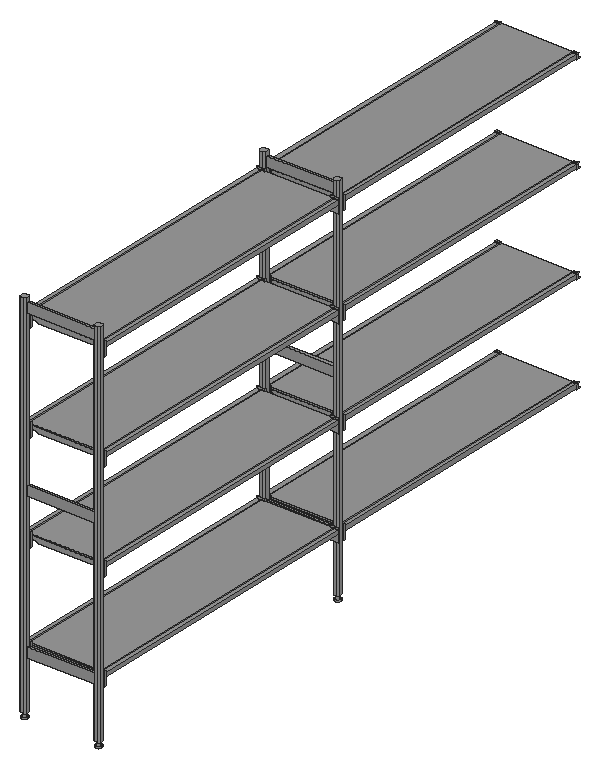
Revit family "QF_ELECTROLUXPROFESSIONAL_137068_ACS2728", category Attrezzature speciali, Revit 2020
Family settings
  Quota connettore circolare = Usa diametro
  Tipo di parte = Normale
  Basato su piano di lavoro = No
  Sempre verticale = Sì
  Taglio con vuoti quando caricato = No
  Condiviso = No
  Punto di calcolo locali = No
Parameters (values of type "Standard")
  Weight = 40.00 kg
  Watts = 0 W
  Volts = 0 V
  URL Manufacturer = "https://www.electroluxprofessional.com/"
  URL = "https://www.electroluxprofessional.com/"
  Steam Supply Size = 0 mm
  Steam Supply Minimum Pressure = 0.0 Pa
  Steam Supply Maximum Pressure = 0.0 Pa
  Steam Consumption per Hour = 0
  Refrigeration Suction Line Size = 0.0 mm
  Refrigeration Liquid Line Size = 0.0 mm
  Refrigerant Compressor Remote = yes
  Prospetto di default = 0.0 mm
  Phase = 0
  Modello = "ACS2728"
  Produttore = "Electrolux Professional"
  Length Actual = 2732.0 mm  # constant formula
  Item Number = "137068"
  Hot Water Size = 0 mm
  Height Actual = 1700.0 mm  # constant formula
  HP = "0 HP"
  Gas Size = 0 mm
  Gas KW = 0
  Gas Input Pressure = 0 W
  Direct Waste Size = 0 mm
  Descrizione = "ALUM.CORNER SHELV.-POLY.TIERS-373X2732MM"
  Depth Actual = 373.0 mm  # constant formula
  Cycle = 0 Hz
  Condensate Return Size = 0 mm
  Compressed Air Volume = 0.0 L/s
  Compressed Air Size = 0 mm
  Compressed Air Pressure = 0.0 Pa
  Cold Water Size = 0 mm
  Accessory = yes
Reference planes
  plane 1: z = 0
  plane 2 "CenterLeft": y = -535.5
  plane 3 "FRONT": y = -921.5
  plane 4 "LEFT": x = 192.5
  plane 5 "RIGHT": x = 565.5
  plane 6 "TOP": z = 1700
  plane 7: y = -889.5
  plane 8: y = 440.5
  plane 9 "Center (Left/Back)": x = 379
  plane 10: x = 205
  plane 11: x = 515
  plane 12 "FEET": z = 25
  plane 13: z = 275
  plane 14: z = 725
  plane 15: z = 1175
  plane 16: z = 1625
  plane 17 "CXLeft": y = -907.5
  plane 18 "Center (Front/Back)": y = 458.5
  plane 19 "CYFront": x = 510
  plane 20: y = 1806.5
  plane 21: y = 476.5
  plane 22 "BACK": y = 1810.5
  plane 23 "LEFT_ORIGIN": x = 158.5
  plane 24 "BACK_ORIGIN": y = 2183.5
Forms (mm)
  Extrusion 1, solid, material "QF_Aluminum"
    sketch origin (38.022, -921.5, -4.006) x (-1, 0, 0) y (0, 0, 1)
      loop
        line (-189.5, 1637.003) -> (-173.5, 1637.003) -> (-173.5, 1655) -> (-175.493, 1655) -> (-175.493, 1648.501) -> (-506.5, 1648.501) -> (-506.5, 1655) -> (-508.5, 1655) -> (-508.5, 1637.003) -> (-492.5, 1637.003) -> (-458.5, 1625) -> (-223.5, 1625) -> (-189.5, 1637.003)
      loop
        line (-189.5, 1187.003) -> (-173.5, 1187.003) -> (-173.5, 1205) -> (-175.493, 1205) -> (-175.493, 1198.501) -> (-506.5, 1198.501) -> (-506.5, 1205) -> (-508.5, 1205) -> (-508.5, 1187.003) -> (-492.5, 1187.003) -> (-458.5, 1175) -> (-223.5, 1175) -> (-189.5, 1187.003)
      loop
        line (-189.5, 737.003) -> (-173.5, 737.003) -> (-173.5, 755) -> (-175.493, 755) -> (-175.493, 748.501) -> (-506.5, 748.501) -> (-506.5, 755) -> (-508.5, 755) -> (-508.5, 737.003) -> (-492.5, 737.003) -> (-458.5, 725) -> (-223.5, 725) -> (-189.5, 737.003)
      loop
        line (-189.5, 287.003) -> (-173.5, 287.003) -> (-173.5, 305) -> (-175.493, 305) -> (-175.493, 298.501) -> (-506.5, 298.501) -> (-506.5, 305) -> (-508.5, 305) -> (-508.5, 287.003) -> (-492.5, 287.003) -> (-458.5, 275) -> (-223.5, 275) -> (-189.5, 287.003)
    from 37 to 32
  Extrusion 2, solid, material "QF_Aluminum"
    sketch origin (38.022, -921.5, 0) x (-1, 0, 0) y (0, 0, 1)
      loop
        line (-154.478, 246.005) -> (-154.478, 307.993) -> (-190.471, 307.993) -> (-190.471, 246.005) -> (-154.478, 246.005)
      loop
        line (-527.478, 246.005) -> (-491.484, 246.005) -> (-491.484, 307.993) -> (-527.478, 307.993) -> (-527.478, 246.005)
      loop
        line (-154.478, 696.005) -> (-154.478, 757.993) -> (-190.471, 757.993) -> (-190.471, 696.005) -> (-154.478, 696.005)
      loop
        line (-527.478, 696.005) -> (-491.484, 696.005) -> (-491.484, 757.993) -> (-527.478, 757.993) -> (-527.478, 696.005)
      loop
        line (-154.478, 1146.005) -> (-154.478, 1207.993) -> (-190.471, 1207.993) -> (-190.471, 1146.005) -> (-154.478, 1146.005)
      loop
        line (-527.478, 1146.005) -> (-491.484, 1146.005) -> (-491.484, 1207.993) -> (-527.478, 1207.993) -> (-527.478, 1146.005)
      loop
        line (-154.478, 1596.005) -> (-154.478, 1657.993) -> (-190.471, 1657.993) -> (-190.471, 1596.005) -> (-154.478, 1596.005)
      loop
        line (-527.478, 1596.005) -> (-491.484, 1596.005) -> (-491.484, 1657.993) -> (-527.478, 1657.993) -> (-527.478, 1596.005)
    from 28 to 32
  Extrusion 3, solid, material "QF_Aluminum"
    sketch origin (38.022, -921.5, 0) x (-1, 0, 0) y (0, 0, 1)
      loop
        line (-154.5, 1650.994) -> (-173.5, 1650.994) -> (-173.5, 1632.998) -> (-154.5, 1632.998) -> (-154.5, 1650.994)
      loop
        line (-154.5, 1200.994) -> (-173.5, 1200.994) -> (-173.5, 1182.998) -> (-154.5, 1182.998) -> (-154.5, 1200.994)
      loop
        line (-154.5, 750.994) -> (-173.5, 750.994) -> (-173.5, 732.998) -> (-154.5, 732.998) -> (-154.5, 750.994)
      loop
        line (-154.5, 300.994) -> (-173.5, 300.994) -> (-173.5, 282.998) -> (-154.5, 282.998) -> (-154.5, 300.994)
      loop
        line (-527.455, 1650.994) -> (-527.455, 1632.998) -> (-508.455, 1632.998) -> (-508.455, 1650.994) -> (-527.455, 1650.994)
      loop
        line (-527.455, 1200.994) -> (-527.455, 1182.998) -> (-508.455, 1182.998) -> (-508.455, 1200.994) -> (-527.455, 1200.994)
      loop
        line (-527.455, 750.994) -> (-527.455, 732.998) -> (-508.455, 732.998) -> (-508.455, 750.994) -> (-527.455, 750.994)
      loop
        line (-527.455, 300.994) -> (-527.455, 282.998) -> (-508.455, 282.998) -> (-508.455, 300.994) -> (-527.455, 300.994)
    from 32 to 1362
  Extrusion 4, solid, material "QF_Polyethylene"
    sketch origin (38.022, -921.5, 0) x (-1, 0, 0) y (0, 0, 1)
      loop
        line (-175.493, 1650.994) -> (-506.5, 1650.994) -> (-506.5, 1644.496) -> (-175.493, 1644.496) -> (-175.493, 1650.994)
      loop
        line (-175.493, 1200.994) -> (-506.5, 1200.994) -> (-506.5, 1194.496) -> (-175.493, 1194.496) -> (-175.493, 1200.994)
      loop
        line (-175.493, 750.994) -> (-506.5, 750.994) -> (-506.5, 744.496) -> (-175.493, 744.496) -> (-175.493, 750.994)
      loop
        line (-175.493, 300.994) -> (-506.5, 300.994) -> (-506.5, 294.496) -> (-175.493, 294.496) -> (-175.493, 300.994)
    from 32 to 1362
  Extrusion 5, solid, material "QF_Aluminum"
    sketch origin (38.022, 684.5, 0) x (-1, 0, 0) y (0, 0, 1)
      loop
        line (-154.5, 1650.994) -> (-173.5, 1650.994) -> (-173.5, 1632.998) -> (-154.5, 1632.998) -> (-154.5, 1650.994)
      loop
        line (-508.5, 1650.994) -> (-527.455, 1650.994) -> (-527.455, 1632.998) -> (-508.5, 1632.998) -> (-508.5, 1650.994)
      loop
        line (-154.5, 1200.994) -> (-173.5, 1200.994) -> (-173.5, 1182.998) -> (-154.5, 1182.998) -> (-154.5, 1200.994)
      loop
        line (-508.5, 1200.994) -> (-527.455, 1200.994) -> (-527.455, 1182.998) -> (-508.5, 1182.998) -> (-508.5, 1200.994)
      loop
        line (-154.5, 750.994) -> (-173.5, 750.994) -> (-173.5, 732.998) -> (-154.5, 732.998) -> (-154.5, 750.994)
      loop
        line (-508.5, 750.994) -> (-527.455, 750.994) -> (-527.455, 732.998) -> (-508.5, 732.998) -> (-508.5, 750.994)
      loop
        line (-154.5, 300.994) -> (-173.5, 300.994) -> (-173.5, 282.998) -> (-154.5, 282.998) -> (-154.5, 300.994)
      loop
        line (-508.5, 300.994) -> (-527.455, 300.994) -> (-527.455, 282.998) -> (-508.5, 282.998) -> (-508.5, 300.994)
    from 1122 to -208
  Extrusion 6, solid, material "QF_Polyethylene"
    sketch origin (38.022, 684.5, 0) x (-1, 0, 0) y (0, 0, 1)
      loop
        line (-175.493, 1650.994) -> (-506.5, 1650.994) -> (-506.5, 1644.496) -> (-175.493, 1644.496) -> (-175.493, 1650.994)
      loop
        line (-175.493, 1200.994) -> (-506.5, 1200.994) -> (-506.5, 1194.496) -> (-175.493, 1194.496) -> (-175.493, 1200.994)
      loop
        line (-175.493, 750.994) -> (-506.5, 750.994) -> (-506.5, 744.496) -> (-175.493, 744.496) -> (-175.493, 750.994)
      loop
        line (-175.493, 300.994) -> (-506.5, 300.994) -> (-506.5, 294.496) -> (-175.493, 294.496) -> (-175.493, 300.994)
    from 1122 to -208
Lines and regions (mm)
  symbolic lines
    curve 1: line (205, -912.5, 1700) -> (515, -912.5, 1700)
    curve 2: line (515, -902.5, 1700) -> (205, -902.5, 1700)
    curve 3: line (192.5, -893.5, 1700) -> (192.5, 444.5, 1700)
    curve 4: line (565.5, -889.5, 1700) -> (565.5, 440.5, 1700)
    curve 5: line (192.5, 472.5, 1700) -> (192.5, 1810.5, 1700)
    curve 6: line (565.5, 472.5, 1700) -> (565.5, 1810.5, 1700)
    curve 7: line (211.522, 1806.5, 1700) -> (510.507, 1806.5, 1700)
    curve 8: line (211.522, 440.5, 1700) -> (510.507, 440.5, 1700)
    curve 9: line (510.507, 476.5, 1700) -> (211.522, 476.5, 1700)
    curve 10: line (211.522, -889.5, 1700) -> (510.507, -889.5, 1700)
    curve 11: line (211.522, -889.5, 1700) -> (211.522, 440.5, 1700)
    curve 12: line (546.478, 440.5, 1700) -> (546.478, -889.5, 1700)
    curve 13: line (211.522, 476.5, 1700) -> (211.522, 1806.5, 1700)
    curve 14: line (546.522, 652.5, 1700) -> (546.522, -145.5, 1700)
Dimensions and locks
  plane 3 "FRONT" to plane 2 "CenterLeft" = 386.0 mm
  locked: plane 6 "TOP" to level at 1700
  locked: plane 7 to plane 8 at 1330
  locked: plane 10 to plane 11 at 310
  plane 10 to plane 9 "Center (Left/Back)" to plane 11 = 174.0 mm, 136.0 mm
  equal spacing: plane 4 "LEFT", plane 9 "Center (Left/Back)", plane 5 "RIGHT"
  plane 12 "FEET" to level = 25.0 mm
  plane 6 "TOP" to plane 12 "FEET" = 1675.0 mm
  plane 13 to plane 12 "FEET" = 250.0 mm
  plane 14 to plane 13 = 450.0 mm
  plane 15 to plane 14 = 450.0 mm
  plane 16 to plane 15 = 450.0 mm
  plane 19 "CYFront" to Extrusion 1 sketch curve = 34.522 mm
  locked: plane 21 to plane 20 at 1330
  locked: plane 8 to plane 18 "Center (Front/Back)" at 18
  locked: plane 18 "Center (Front/Back)" to plane 21 at 18
  locked: plane 3 "FRONT" to plane 7 at 32
  locked: plane 4 "LEFT" to plane 5 "RIGHT" at 373
  locked: plane 23 "LEFT_ORIGIN" to plane 5 "RIGHT" at 407
  locked: plane 22 "BACK" to plane 24 "BACK_ORIGIN" at 373
  locked: plane 22 "BACK" to plane 3 "FRONT" at 2732
  aligned and locked: level to plane 1
  aligned and locked: Extrusion 1 to plane 7
  aligned and locked: plane 7 to Extrusion 2
  aligned and locked: Extrusion 4 to plane 7
  aligned and locked: plane 8 to Extrusion 4
  aligned and locked: Extrusion 3 to plane 7
  aligned and locked: plane 8 to Extrusion 3
  aligned and locked: Extrusion 1 sketch curve to Extrusion 1 sketch curve  (x3)
  aligned and locked: Extrusion 4 sketch curve to Extrusion 1  (x4)
  aligned and locked: Extrusion 5 sketch curve to Extrusion 5 sketch curve  (x2)
  aligned and locked: Extrusion 5 to plane 21  (x5)
  aligned and locked: Extrusion 6 to plane 21  (x5)
  aligned and locked: nested 2 to plane 18 "Center (Front/Back)"
  aligned and locked: nested 1 to plane 17 "CXLeft"
  aligned and locked: plane 7 to Extrusion 3  (x3)
  aligned and locked: Extrusion 3 to plane 8  (x4)
  aligned and locked: Extrusion 4 to plane 8  (x4)
  aligned and locked: plane 20 to Extrusion 5
  aligned and locked: plane 20 to Extrusion 6
  aligned and locked: Extrusion 5 to plane 20  (x3)
  aligned and locked: Extrusion 6 to plane 20  (x3)
  aligned and locked: plane 9 "Center (Left/Back)" to nested 2
  aligned and locked: nested 3 to plane 22 "BACK"
Automatic sketch dimensions
  curve 1 to plane 10 = 0.0 mm
  curve 1 to plane 11 = 0.0 mm
  curve 2 to plane 10 = 0.0 mm
  curve 2 to plane 11 = 0.0 mm
  curve 3 to plane 4 "LEFT" = 0.0 mm
  plane 7 to curve 10 = 0.0 mm
  curve 4 to plane 5 "RIGHT" = 0.0 mm
  plane 7 to curve 4 = 0.0 mm
  plane 8 to curve 8 = 0.0 mm
  plane 8 to curve 4 = 0.0 mm
  curve 6 to plane 5 "RIGHT" = 0.0 mm
  curve 5 to plane 4 "LEFT" = 0.0 mm
  curve 9 to plane 21 = 0.0 mm
  plane 20 to curve 7 = 0.0 mm
  plane 7 to curve 3 = 4.0 mm
  plane 17 "CXLeft" to curve 2 = 5.0 mm
  curve 1 to plane 17 "CXLeft" = 5.0 mm
  curve 3 to plane 8 = 4.0 mm
  curve 6 to plane 21 = 4.0 mm
  curve 5 to plane 21 = 4.0 mm
  curve 6 to plane 20 = 4.0 mm
  curve 5 to plane 20 = 4.0 mm
  plane 11 to curve 10 = 4.493 mm
  plane 11 to curve 9 = 4.493 mm
  plane 11 to curve 8 = 4.493 mm
  plane 11 to curve 7 = 4.493 mm
  curve 8 to plane 10 = 6.522 mm
  curve 7 to plane 10 = 6.522 mm
  Extrusion 1 sketch curve to plane 19 "CYFront" = 36.522 mm  (x4)
  Extrusion 1 sketch curve to plane 11 = 15.522 mm  (x4)
  Extrusion 1 sketch curve to plane 13 = 4.006 mm
  Extrusion 1 sketch curve to Extrusion 1 sketch curve = 34.0 mm  (x4)
  Extrusion 1 sketch curve to plane 14 = 4.006 mm
  Extrusion 1 sketch curve to plane 15 = 4.006 mm
  Extrusion 1 sketch curve to plane 16 = 4.006 mm
  Extrusion 1 sketch curve to plane 10 = 56.522 mm  (x4)
  Extrusion 1 sketch curve to plane 10 = 22.522 mm  (x4)
  plane 13 to Extrusion 1 sketch curve = 7.998 mm  (x2)
  Extrusion 1 sketch curve to Extrusion 1 sketch curve = 11.498 mm  (x4)
  Extrusion 1 sketch curve to Extrusion 1 sketch curve = 6.499 mm  (x8)
  plane 14 to Extrusion 1 sketch curve = 7.998 mm  (x2)
  plane 15 to Extrusion 1 sketch curve = 7.998 mm  (x2)
  plane 16 to Extrusion 1 sketch curve = 7.998 mm  (x2)
  Extrusion 2 sketch curve to plane 5 "RIGHT" = 0.0 mm  (x4)
  Extrusion 2 sketch curve to plane 4 "LEFT" = 0.0 mm  (x4)
  Extrusion 2 sketch curve to plane 11 = 14.507 mm  (x4)
  Extrusion 2 sketch curve to plane 10 = 23.493 mm  (x4)
  Extrusion 2 sketch curve to plane 13 = 28.995 mm  (x2)
  plane 13 to Extrusion 2 sketch curve = 32.993 mm  (x2)
  Extrusion 2 sketch curve to plane 14 = 28.995 mm  (x2)
  plane 14 to Extrusion 2 sketch curve = 32.993 mm  (x2)
  Extrusion 2 sketch curve to plane 15 = 28.995 mm  (x2)
  plane 15 to Extrusion 2 sketch curve = 32.993 mm  (x2)
  Extrusion 2 sketch curve to plane 16 = 28.995 mm  (x2)
  plane 16 to Extrusion 2 sketch curve = 32.993 mm  (x2)
  plane 13 to Extrusion 4 sketch curve = 19.496 mm
  Extrusion 4 sketch curve to Extrusion 4 sketch curve = 6.499 mm  (x4)
  plane 14 to Extrusion 4 sketch curve = 19.496 mm
  plane 15 to Extrusion 4 sketch curve = 19.496 mm
  plane 16 to Extrusion 4 sketch curve = 19.496 mm
  plane 5 "RIGHT" to Extrusion 5 sketch curve = 0.022 mm  (x4)
  Extrusion 5 sketch curve to plane 4 "LEFT" = 19.022 mm  (x4)
  Extrusion 5 sketch curve to plane 19 "CYFront" = 36.522 mm  (x2)
  plane 13 to Extrusion 5 sketch curve = 7.998 mm  (x2)
  Extrusion 5 sketch curve to Extrusion 5 sketch curve = 17.997 mm  (x8)
  plane 14 to Extrusion 5 sketch curve = 7.998 mm  (x2)
  plane 15 to Extrusion 5 sketch curve = 7.998 mm  (x2)
  plane 16 to Extrusion 5 sketch curve = 7.998 mm  (x2)
  Extrusion 6 sketch curve to plane 19 "CYFront" = 34.522 mm  (x4)
  plane 13 to Extrusion 6 sketch curve = 19.496 mm
  Extrusion 6 sketch curve to Extrusion 6 sketch curve = 6.499 mm  (x4)
  plane 14 to Extrusion 6 sketch curve = 19.496 mm
  plane 15 to Extrusion 6 sketch curve = 19.496 mm
  plane 16 to Extrusion 6 sketch curve = 19.496 mm
  plane 5 "RIGHT" to Extrusion 3 sketch curve = 0.022 mm  (x4)
  Extrusion 3 sketch curve to Extrusion 3 sketch curve = 19.0 mm  (x4)
  plane 14 to Extrusion 3 sketch curve = 7.998 mm  (x2)
  Extrusion 3 sketch curve to plane 10 = 6.522 mm  (x4)
  Extrusion 3 sketch curve to plane 4 "LEFT" = 0.022 mm  (x4)
  plane 13 to Extrusion 3 sketch curve = 25.994 mm  (x2)
  plane 13 to Extrusion 3 sketch curve = 7.998 mm  (x2)
  Extrusion 3 sketch curve to Extrusion 3 sketch curve = 17.997 mm  (x6)
  plane 15 to Extrusion 3 sketch curve = 7.998 mm  (x2)
  plane 16 to Extrusion 3 sketch curve = 7.998 mm  (x2)
  plane 7 to curve 12 = 0.0 mm
  plane 8 to curve 12 = 0.0 mm
  curve 4 to curve 12 = 19.022 mm
  Extrusion 1 sketch curve to plane 10 = 8.516 mm  (x4)
  Extrusion 1 sketch curve to plane 10 = 6.522 mm  (x2)
  Extrusion 1 sketch curve to Extrusion 1 sketch curve = 1.993 mm  (x2)
  Extrusion 4 sketch curve to plane 10 = 8.516 mm  (x4)
  Extrusion 5 sketch curve to plane 4 "LEFT" = 0.022 mm  (x4)
  Extrusion 6 sketch curve to plane 10 = 8.516 mm  (x4)
Nested families
  nested 1: "WT_Anta373" at (215.5, -504.5, 0) x (0, 1, 0) z (0, 0, 1), type "WT_Anta373"
  nested 2: "WT_Anta373Center" at (215.5, 861.5, 0) x (0, 1, 0) z (0, 0, 1), type "WT_Anta373Center"
  nested 3: "WT_Aggancio373" at (215.5, 2218.5, 0) x (0, 1, 0) z (0, 0, 1), type "WT_Aggancio373"
Definition of nested family "WT_Anta373"
  Parameters
    WidthLeft = A + 64.0 mm  # 772.0 mm
    Width = 1606.0 mm
    Right = WidthLeft / 2  # 386.0 mm
    Default Elevation = 0.0 mm
    Left = -WidthLeft / 2  # -386.0 mm
    Height = 1725.0 mm
    FEET = 25.0 mm
    E = 0.0 mm
    Dint = Depth - 63.0 mm  # 310.0 mm
    Dext = Depth - 8.0 mm  # 365.0 mm
    Depth = 373.0 mm
    DX = (WidthLeft - A) / 2  # 32.0 mm
    B = 798.0 mm
    A = 708.0 mm
  Reference planes
    plane 1: z = 0
    plane 2 "LEFT": x = -417
    plane 3 "BACK": y = 23
    plane 4 "FRONT": y = -350
    plane 5 "TOP": z = 1725
    plane 6 "Center (Front/Back)": y = -163.5
    plane 7: y = -8.5
    plane 8: y = -318.5
    plane 9 "FEET": z = 25
    plane 10: z = 275
    plane 11: z = 725
    plane 12: z = 1175
    plane 13: z = 1625
    plane 14 "CXLeft": x = -403
    plane 15: y = 5.5
    plane 16 "CYBack": y = 5.5
    plane 17 "CYFront": y = -332.5
    plane 18: x = -385.031
    plane 19: x = -380.031
  Forms (mm)
    Extrusion 1, solid
      sketch origin (0, 0, 0) x (1, 0, 0) y (0, 1, 0)
        loop
          line (-417, 13.246) -> (-417, -2.246) -> (-410.746, -8.5) -> (-395.254, -8.5) -> (-389, -2.246) -> (-389, 13.246) -> (-395.254, 19.5) -> (-410.746, 19.5) -> (-417, 13.246)
      from 1725 to 25
    Extrusion 2, solid
      sketch origin (-417, 0, 0) x (0, 1, 0) y (0, 0, 1)
        loop
          line (23, 246.005) -> (23, 307.993) -> (-12.993, 307.993) -> (-12.993, 246.005) -> (23, 246.005)
        loop
          line (-350, 246.005) -> (-314.007, 246.005) -> (-314.007, 307.993) -> (-350, 307.993) -> (-350, 246.005)
        loop
          line (23, 696.005) -> (23, 757.993) -> (-12.993, 757.993) -> (-12.993, 696.005) -> (23, 696.005)
        loop
          line (-350, 696.005) -> (-314.007, 696.005) -> (-314.007, 757.993) -> (-350, 757.993) -> (-350, 696.005)
        loop
          line (23, 1146.005) -> (23, 1207.993) -> (-12.993, 1207.993) -> (-12.993, 1146.005) -> (23, 1146.005)
        loop
          line (-350, 1146.005) -> (-314.007, 1146.005) -> (-314.007, 1207.993) -> (-350, 1207.993) -> (-350, 1146.005)
        loop
          line (23, 1596.005) -> (23, 1657.993) -> (-12.993, 1657.993) -> (-12.993, 1596.005) -> (23, 1596.005)
        loop
          line (-350, 1596.005) -> (-314.007, 1596.005) -> (-314.007, 1657.993) -> (-350, 1657.993) -> (-350, 1596.005)
      from 28 to 32
    Revolve 3, solid
      sketch origin (-403, 0, 0) x (0, 1, 0) y (0, 0, 1)
        loop
          line (5.5, 25) -> (5.5, 0) -> (19, 0) -> (19, 5) -> (14, 5) -> (14, 25) -> (5.5, 25)
        axis (5.5, 25) -> (5.5, 0)
      angle from 0 to 360
    Extrusion 4, solid
      sketch origin (-403, 0, 0) x (0, 1, 0) y (0, 0, 1)
        loop
          line (-8.5, 912.382) -> (-8.5, 957.374) -> (-318.5, 957.374) -> (-318.5, 912.382) -> (-8.5, 912.382)
        loop
          line (-8.5, 1662.244) -> (-8.5, 1707.236) -> (-318.5, 1707.236) -> (-318.5, 1662.244) -> (-8.5, 1662.244)
      from -5 to 5
    Revolve 5, solid
      sketch origin (-403, -627, 0) x (0, -1, 0) y (0, 0, 1)
        loop
          line (-294.5, 25) -> (-294.5, 0) -> (-281, 0) -> (-281, 5) -> (-286, 5) -> (-286, 25) -> (-294.5, 25)
        axis (-294.5, 25) -> (-294.5, 0)
      angle from 0 to 360
    Extrusion 6, solid
      sketch origin (0, -627, 0) x (1, 0, 0) y (0, 1, 0)
        loop
          line (-417, 286.754) -> (-410.746, 280.5) -> (-395.254, 280.5) -> (-389, 286.754) -> (-389, 302.246) -> (-395.254, 308.5) -> (-410.746, 308.5) -> (-417, 302.246) -> (-417, 286.754)
      from 1725 to 25
    Extrusion 7, solid
      sketch origin (-417.031, -0.022, 0) x (0, 1, 0) y (0, 0, -1)
        loop
          line (-12, -1632.998) -> (-46, -1620.994) -> (-281, -1620.994) -> (-315, -1632.998) -> (-331, -1632.998) -> (-331, -1650.994) -> (-329, -1650.994) -> (-329, -1644.496) -> (2.007, -1644.496) -> (2.007, -1650.994) -> (4, -1650.994) -> (4, -1632.998) -> (-12, -1632.998)
        loop
          line (-12, -1182.998) -> (-46, -1170.994) -> (-281, -1170.994) -> (-315, -1182.998) -> (-331, -1182.998) -> (-331, -1200.994) -> (-329, -1200.994) -> (-329, -1194.496) -> (2.007, -1194.496) -> (2.007, -1200.994) -> (4, -1200.994) -> (4, -1182.998) -> (-12, -1182.998)
        loop
          line (-12, -732.998) -> (-46, -720.994) -> (-281, -720.994) -> (-315, -732.998) -> (-331, -732.998) -> (-331, -750.994) -> (-329, -750.994) -> (-329, -744.496) -> (2.007, -744.496) -> (2.007, -750.994) -> (4, -750.994) -> (4, -732.998) -> (-12, -732.998)
        loop
          line (-12, -282.998) -> (-46, -270.994) -> (-281, -270.994) -> (-315, -282.998) -> (-331, -282.998) -> (-331, -300.994) -> (-329, -300.994) -> (-329, -294.496) -> (2.007, -294.496) -> (2.007, -300.994) -> (4, -300.994) -> (4, -282.998) -> (-12, -282.998)
      from -32 to -37
    Extrusion 8, solid
      sketch origin (-403, 0, -659.878) x (0, 1, 0) y (0, 0, 1)
        loop
          line (-8.5, 912.382) -> (-8.5, 957.374) -> (-318.5, 957.374) -> (-318.5, 912.382) -> (-8.5, 912.382)
        loop
          line (-8.5, 1572.382) -> (-8.5, 1617.374) -> (-318.5, 1617.374) -> (-318.5, 1572.382) -> (-8.5, 1572.382)
        loop
          line (-8.5, 2322.382) -> (-8.5, 2367.374) -> (-318.5, 2367.374) -> (-318.5, 2322.382) -> (-8.5, 2322.382)
      from -5 to 5
  Lines and regions (mm)
    symbolic lines
      curve 1: line (-408, -8.5, 1725) -> (-408, -318.5, 1725)
      curve 2: line (-398, -318.5, 1725) -> (-398, -8.5, 1725)
      curve 3: line (-395.254, -8.5, 1725) -> (-410.746, -8.5, 1725)
      curve 4: line (-417, -2.246, 1725) -> (-410.746, -8.5, 1725)
      curve 5: line (-417, 13.246, 1725) -> (-417, -2.246, 1725)
      curve 6: line (-410.746, 19.5, 1725) -> (-417, 13.246, 1725)
      curve 7: line (-395.254, 19.5, 1725) -> (-410.746, 19.5, 1725)
      curve 8: line (-389, 13.246, 1725) -> (-395.254, 19.5, 1725)
      curve 9: line (-395.254, -8.5, 1725) -> (-389, -2.246, 1725)
      curve 10: line (-395.254, -318.5, 1725) -> (-410.746, -318.5, 1725)
      curve 11: line (-417, -324.754, 1725) -> (-410.746, -318.5, 1725)
      curve 12: line (-410.746, -346.5, 1725) -> (-417, -340.246, 1725)
      curve 13: line (-395.254, -346.5, 1725) -> (-410.746, -346.5, 1725)
      curve 14: line (-389, -340.246, 1725) -> (-395.254, -346.5, 1725)
      curve 15: line (-395.254, -318.5, 1725) -> (-389, -324.754, 1725)
      curve 16: line (-389, -350, 1725) -> (-389, -314.007, 1725)
      curve 17: line (-389, -314.007, 1725) -> (-385, -314.007, 1725)
      curve 18: line (-389, 23, 1725) -> (-389, -12.993, 1725)
      curve 19: line (-389, -12.993, 1725) -> (-385, -12.993, 1725)
      curve 20: line (-417, -324.754, 1725) -> (-417, -340.246, 1725)
      curve 21: line (-385, -350, 1725) -> (-385, -314.007, 1725)
      curve 22: line (-385, -350, 1725) -> (-389, -350, 1725)
      curve 23: line (-385, 23, 1725) -> (-389, 23, 1725)
      curve 24: line (-385, -12.993, 1725) -> (-385, 23, 1725)
      curve 25: line (-385.031, -13.016, 1725) -> (-385.031, -314.029, 1725)
  Dimensions and locks
    "Height": plane 5 "TOP" to level
    "Depth": plane 3 "BACK" to plane 4 "FRONT"
    "Dint": plane 7 to plane 8
    equal spacing: plane 7, plane 6 "Center (Front/Back)", plane 8
    equal spacing: plane 3 "BACK", plane 6 "Center (Front/Back)", plane 4 "FRONT"
    plane 9 "FEET" to level = 25.0 mm
    plane 5 "TOP" to plane 9 "FEET" = 1700.0 mm
    plane 10 to plane 9 "FEET" = 250.0 mm
    plane 11 to plane 10 = 450.0 mm
    plane 12 to plane 11 = 450.0 mm
    plane 13 to plane 12 = 450.0 mm
    locked: plane 2 "LEFT" to plane 14 "CXLeft" at 14
    locked: plane 3 "BACK" to plane 16 "CYBack" at 17.5
    locked: plane 17 "CYFront" to plane 4 "FRONT" at 17.5
    locked: Revolve 3 sketch curve to Revolve 3 sketch curve at 8.5
    locked: Revolve 3 sketch curve to plane 16 "CYBack" at 13.5
    locked: Revolve 5 sketch curve to Revolve 5 sketch curve at 8.5
    aligned and locked: level to plane 1
    aligned and locked: curve 20 to Extrusion 6
    aligned and locked: plane 5 "TOP" to Extrusion 1
    aligned and locked: plane 5 "TOP" to Extrusion 6
    aligned and locked: Extrusion 7 sketch curve to Extrusion 7 sketch curve  (x3)
  Automatic sketch dimensions
    curve 16 to plane 4 "FRONT" = 0.0 mm
    curve 11 to plane 8 = 0.0 mm
    curve 9 to plane 7 = 0.0 mm
    curve 5 to plane 2 "LEFT" = 0.0 mm
    curve 23 to plane 3 "BACK" = 0.0 mm
    plane 4 "FRONT" to curve 13 = 3.5 mm
    curve 20 to plane 17 "CYFront" = 7.746 mm
    curve 20 to plane 8 = 6.254 mm
    plane 8 to curve 16 = 4.493 mm
    curve 24 to plane 18 = 0.031 mm
    curve 24 to plane 7 = 4.493 mm
    plane 7 to curve 5 = 6.254 mm
    curve 5 to plane 15 = 7.746 mm
    curve 6 to plane 3 "BACK" = 3.5 mm
    curve 21 to plane 18 = 0.031 mm
    plane 18 to curve 23 = 3.969 mm
    plane 18 to curve 16 = 3.969 mm
    curve 18 to curve 8 = 6.254 mm
    curve 18 to curve 3 = 6.254 mm
    curve 16 to curve 13 = 6.254 mm
    curve 16 to curve 15 = 6.254 mm
    plane 2 "LEFT" to curve 10 = 6.254 mm
    plane 2 "LEFT" to curve 7 = 6.254 mm
    plane 2 "LEFT" to curve 12 = 6.254 mm
    plane 2 "LEFT" to curve 3 = 6.254 mm
    curve 14 to plane 17 "CYFront" = 7.746 mm
    curve 15 to plane 8 = 6.254 mm
    plane 7 to curve 9 = 6.254 mm
    curve 8 to plane 15 = 7.746 mm
    curve 3 to curve 2 = 2.746 mm
    curve 1 to curve 10 = 2.746 mm
    Extrusion 1 sketch curve to plane 2 "LEFT" = 0.0 mm
    Extrusion 1 sketch curve to plane 7 = 0.0 mm
    plane 2 "LEFT" to Extrusion 1 sketch curve = 6.254 mm  (x2)
    plane 14 "CXLeft" to Extrusion 1 sketch curve = 7.746 mm  (x2)
    Extrusion 1 sketch curve to plane 3 "BACK" = 3.5 mm
    plane 18 to Extrusion 1 sketch curve = 3.969 mm
    plane 7 to Extrusion 1 sketch curve = 6.254 mm  (x2)
    Extrusion 1 sketch curve to plane 15 = 7.746 mm  (x2)
    Extrusion 2 sketch curve to plane 4 "FRONT" = 0.0 mm  (x4)
    Extrusion 2 sketch curve to plane 3 "BACK" = 0.0 mm  (x4)
    plane 8 to Extrusion 2 sketch curve = 4.493 mm  (x4)
    Extrusion 2 sketch curve to plane 7 = 4.493 mm  (x4)
    Extrusion 2 sketch curve to plane 10 = 28.995 mm  (x2)
    plane 10 to Extrusion 2 sketch curve = 32.993 mm  (x2)
    Extrusion 2 sketch curve to plane 11 = 28.995 mm  (x2)
    plane 11 to Extrusion 2 sketch curve = 32.993 mm  (x2)
    Extrusion 2 sketch curve to plane 12 = 28.995 mm  (x2)
    plane 12 to Extrusion 2 sketch curve = 32.993 mm  (x2)
    Extrusion 2 sketch curve to plane 13 = 28.995 mm  (x2)
    plane 13 to Extrusion 2 sketch curve = 32.993 mm  (x2)
    Revolve 3 sketch curve to plane 9 "FEET" = 0.0 mm  (x2)
    Revolve 3 sketch curve to plane 15 = 0.0 mm  (x2)
    Revolve 3 sketch curve to level = 0.0 mm
    level to Revolve 3 sketch curve = 5.0 mm
    Revolve 3 sketch curve to Revolve 3 sketch curve = 11.655 mm
    Extrusion 4 sketch curve to plane 8 = 0.0 mm  (x2)
    Extrusion 4 sketch curve to plane 7 = 0.0 mm  (x2)
    plane 11 to Extrusion 4 sketch curve = 187.382 mm
    Extrusion 4 sketch curve to Extrusion 4 sketch curve = 44.992 mm
    plane 13 to Extrusion 4 sketch curve = 37.244 mm
    Extrusion 4 sketch curve to plane 5 "TOP" = 17.764 mm
    Revolve 5 sketch curve to plane 9 "FEET" = 0.0 mm  (x2)
    Revolve 5 sketch curve to plane 17 "CYFront" = 0.0 mm  (x2)
    Revolve 5 sketch curve to level = 0.0 mm
    Revolve 5 sketch curve to plane 4 "FRONT" = 4.0 mm
    Revolve 5 sketch curve to Revolve 5 sketch curve = 5.0 mm
    level to Revolve 5 sketch curve = 11.655 mm
    Extrusion 6 sketch curve to plane 2 "LEFT" = 0.0 mm
    Extrusion 6 sketch curve to plane 8 = 0.0 mm
    Extrusion 6 sketch curve to plane 2 "LEFT" = 6.254 mm  (x2)
    Extrusion 6 sketch curve to plane 14 "CXLeft" = 7.746 mm  (x2)
    Extrusion 6 sketch curve to plane 4 "FRONT" = 3.5 mm
    Extrusion 6 sketch curve to plane 18 = 3.969 mm
    plane 8 to Extrusion 6 sketch curve = 6.254 mm  (x2)
    plane 17 "CYFront" to Extrusion 6 sketch curve = 7.746 mm  (x2)
    plane 17 "CYFront" to Extrusion 7 sketch curve = 1.478 mm  (x4)
    Extrusion 7 sketch curve to Extrusion 7 sketch curve = 2.0 mm
    plane 8 to Extrusion 7 sketch curve = 3.478 mm  (x4)
    Extrusion 7 sketch curve to plane 10 = 4.006 mm
    Extrusion 7 sketch curve to Extrusion 7 sketch curve = 34.0 mm  (x4)
    Extrusion 7 sketch curve to plane 11 = 4.006 mm
    Extrusion 7 sketch curve to plane 12 = 4.006 mm
    Extrusion 7 sketch curve to plane 13 = 4.006 mm
    Extrusion 7 sketch curve to plane 7 = 37.522 mm  (x4)
    Extrusion 7 sketch curve to plane 7 = 3.522 mm  (x4)
    plane 15 to Extrusion 7 sketch curve = 3.516 mm  (x4)
    plane 15 to Extrusion 7 sketch curve = 1.522 mm  (x4)
    plane 13 to Extrusion 7 sketch curve = 7.998 mm  (x2)
    Extrusion 7 sketch curve to Extrusion 7 sketch curve = 11.498 mm
    Extrusion 7 sketch curve to Extrusion 7 sketch curve = 6.499 mm  (x5)
    plane 12 to Extrusion 7 sketch curve = 25.994 mm  (x2)
    plane 12 to Extrusion 7 sketch curve = 7.998 mm  (x2)
    plane 11 to Extrusion 7 sketch curve = 25.994 mm  (x2)
    plane 11 to Extrusion 7 sketch curve = 7.998 mm  (x2)
    plane 10 to Extrusion 7 sketch curve = 25.994 mm  (x2)
    plane 10 to Extrusion 7 sketch curve = 7.998 mm  (x2)
    curve 25 to plane 18 = 0.0 mm
    plane 8 to curve 25 = 4.471 mm
    curve 25 to plane 7 = 4.516 mm
    Extrusion 8 sketch curve to plane 8 = 0.0 mm  (x3)
    Extrusion 8 sketch curve to plane 7 = 0.0 mm  (x3)
    Extrusion 8 sketch curve to plane 10 = 22.496 mm
    plane 10 to Extrusion 8 sketch curve = 22.496 mm
    plane 11 to Extrusion 8 sketch curve = 187.504 mm
    Extrusion 8 sketch curve to Extrusion 8 sketch curve = 44.992 mm
    plane 13 to Extrusion 8 sketch curve = 37.504 mm
    Extrusion 8 sketch curve to plane 5 "TOP" = 17.504 mm
Definition of nested family "WT_Anta373Center"
  Parameters
    WidthLeft = A + 64.0 mm  # 772.0 mm
    Width = 1606.0 mm
    Right = WidthLeft / 2  # 386.0 mm
    Default Elevation = 0.0 mm
    Left = -WidthLeft / 2  # -386.0 mm
    Height = 1725.0 mm
    FEET = 25.0 mm
    E = 0.0 mm
    Dint = Depth - 63.0 mm  # 310.0 mm
    Dext = Depth - 8.0 mm  # 365.0 mm
    Depth = 373.0 mm
    DX = (WidthLeft - A) / 2  # 32.0 mm
    B = 798.0 mm
    A = 708.0 mm
  Reference planes
    plane 1: z = 0
    plane 2 "L": x = -417
    plane 3 "BACK": y = 23
    plane 4 "FRONT": y = -350
    plane 5 "TOP": z = 1725
    plane 6 "Center (Front/Back)": y = -163.5
    plane 7: y = -8.5
    plane 8: y = -318.5
    plane 9 "FEET": z = 25
    plane 10: z = 275
    plane 11: z = 725
    plane 12: z = 1175
    plane 13: z = 1625
    plane 14 "CXLeft": x = -403
    plane 15: y = 5.5
    plane 16 "CYBack": y = 5.5
    plane 17 "CYFront": y = -332.5
    plane 18: x = -385.031
    plane 19 "RIGHT": x = -380.031
    plane 20: x = -420.969
    plane 21 "LEFT": x = -425.969
  Forms (mm)
    Extrusion 1, solid
      sketch origin (0, 0, 0) x (1, 0, 0) y (0, 1, 0)
        loop
          line (-417, 13.246) -> (-417, -2.246) -> (-410.746, -8.5) -> (-395.254, -8.5) -> (-389, -2.246) -> (-389, 13.246) -> (-395.254, 19.5) -> (-410.746, 19.5) -> (-417, 13.246)
      from 1725 to 25
    Extrusion 2, solid
      sketch origin (-417, 0, 0) x (0, 1, 0) y (0, 0, 1)
        loop
          line (23, 246.005) -> (23, 307.993) -> (-12.993, 307.993) -> (-12.993, 246.005) -> (23, 246.005)
        loop
          line (-350, 246.005) -> (-314.007, 246.005) -> (-314.007, 307.993) -> (-350, 307.993) -> (-350, 246.005)
        loop
          line (23, 696.005) -> (23, 757.993) -> (-12.993, 757.993) -> (-12.993, 696.005) -> (23, 696.005)
        loop
          line (-350, 696.005) -> (-314.007, 696.005) -> (-314.007, 757.993) -> (-350, 757.993) -> (-350, 696.005)
        loop
          line (23, 1146.005) -> (23, 1207.993) -> (-12.993, 1207.993) -> (-12.993, 1146.005) -> (23, 1146.005)
        loop
          line (-350, 1146.005) -> (-314.007, 1146.005) -> (-314.007, 1207.993) -> (-350, 1207.993) -> (-350, 1146.005)
        loop
          line (23, 1596.005) -> (23, 1657.993) -> (-12.993, 1657.993) -> (-12.993, 1596.005) -> (23, 1596.005)
        loop
          line (-350, 1596.005) -> (-314.007, 1596.005) -> (-314.007, 1657.993) -> (-350, 1657.993) -> (-350, 1596.005)
      from 28 to 32
    Revolve 3, solid
      sketch origin (-403, 0, 0) x (0, 1, 0) y (0, 0, 1)
        loop
          line (5.5, 25) -> (5.5, 0) -> (19, 0) -> (19, 5) -> (14, 5) -> (14, 25) -> (5.5, 25)
        axis (5.5, 25) -> (5.5, 0)
      angle from 0 to 360
    Extrusion 4, solid
      sketch origin (-403, 0, 0) x (0, 1, 0) y (0, 0, 1)
        loop
          line (-8.5, 912.382) -> (-8.5, 957.374) -> (-318.5, 957.374) -> (-318.5, 912.382) -> (-8.5, 912.382)
        loop
          line (-8.5, 1662.244) -> (-8.5, 1707.236) -> (-318.5, 1707.236) -> (-318.5, 1662.244) -> (-8.5, 1662.244)
      from -5 to 5
    Revolve 5, solid
      sketch origin (-403, -627, 0) x (0, -1, 0) y (0, 0, 1)
        loop
          line (-294.5, 25) -> (-294.5, 0) -> (-281, 0) -> (-281, 5) -> (-286, 5) -> (-286, 25) -> (-294.5, 25)
        axis (-294.5, 25) -> (-294.5, 0)
      angle from 0 to 360
    Extrusion 6, solid
      sketch origin (0, -627, 0) x (1, 0, 0) y (0, 1, 0)
        loop
          line (-417, 286.754) -> (-410.746, 280.5) -> (-395.254, 280.5) -> (-389, 286.754) -> (-389, 302.246) -> (-395.254, 308.5) -> (-410.746, 308.5) -> (-417, 302.246) -> (-417, 286.754)
      from 1725 to 25
    Extrusion 7, solid
      sketch origin (-417.031, -0.022, 0) x (0, 1, 0) y (0, 0, -1)
        loop
          line (-12, -1632.998) -> (-46, -1620.994) -> (-281, -1620.994) -> (-315, -1632.998) -> (-331, -1632.998) -> (-331, -1650.994) -> (-329, -1650.994) -> (-329, -1644.496) -> (2.007, -1644.496) -> (2.007, -1650.994) -> (4, -1650.994) -> (4, -1632.998) -> (-12, -1632.998)
        loop
          line (-12, -1182.998) -> (-46, -1170.994) -> (-281, -1170.994) -> (-315, -1182.998) -> (-331, -1182.998) -> (-331, -1200.994) -> (-329, -1200.994) -> (-329, -1194.496) -> (2.007, -1194.496) -> (2.007, -1200.994) -> (4, -1200.994) -> (4, -1182.998) -> (-12, -1182.998)
        loop
          line (-12, -732.998) -> (-46, -720.994) -> (-281, -720.994) -> (-315, -732.998) -> (-331, -732.998) -> (-331, -750.994) -> (-329, -750.994) -> (-329, -744.496) -> (2.007, -744.496) -> (2.007, -750.994) -> (4, -750.994) -> (4, -732.998) -> (-12, -732.998)
        loop
          line (-12, -282.998) -> (-46, -270.994) -> (-281, -270.994) -> (-315, -282.998) -> (-331, -282.998) -> (-331, -300.994) -> (-329, -300.994) -> (-329, -294.496) -> (2.007, -294.496) -> (2.007, -300.994) -> (4, -300.994) -> (4, -282.998) -> (-12, -282.998)
      from -32 to -37
    Extrusion 8, solid
      sketch origin (-403, 0, -659.878) x (0, 1, 0) y (0, 0, 1)
        loop
          line (-8.5, 912.382) -> (-8.5, 957.374) -> (-318.5, 957.374) -> (-318.5, 912.382) -> (-8.5, 912.382)
        loop
          line (-8.5, 1572.382) -> (-8.5, 1617.374) -> (-318.5, 1617.374) -> (-318.5, 1572.382) -> (-8.5, 1572.382)
        loop
          line (-8.5, 2322.382) -> (-8.5, 2367.374) -> (-318.5, 2367.374) -> (-318.5, 2322.382) -> (-8.5, 2322.382)
      from -5 to 5
    Extrusion 9, solid
      sketch origin (-389, 0, 0) x (0, 1, 0) y (0, 0, -1)
        loop
          line (23, -246.005) -> (-12.993, -246.005) -> (-12.993, -307.993) -> (23, -307.993) -> (23, -246.005)
        loop
          line (-350, -246.005) -> (-350, -307.993) -> (-314.007, -307.993) -> (-314.007, -246.005) -> (-350, -246.005)
        loop
          line (23, -696.005) -> (-12.993, -696.005) -> (-12.993, -757.993) -> (23, -757.993) -> (23, -696.005)
        loop
          line (-350, -696.005) -> (-350, -757.993) -> (-314.007, -757.993) -> (-314.007, -696.005) -> (-350, -696.005)
        loop
          line (23, -1146.005) -> (-12.993, -1146.005) -> (-12.993, -1207.993) -> (23, -1207.993) -> (23, -1146.005)
        loop
          line (-350, -1146.005) -> (-350, -1207.993) -> (-314.007, -1207.993) -> (-314.007, -1146.005) -> (-350, -1146.005)
        loop
          line (23, -1596.005) -> (-12.993, -1596.005) -> (-12.993, -1657.993) -> (23, -1657.993) -> (23, -1596.005)
        loop
          line (-350, -1596.005) -> (-350, -1657.993) -> (-314.007, -1657.993) -> (-314.007, -1596.005) -> (-350, -1596.005)
      from 28 to 32
    Extrusion 10, solid
      sketch origin (-388.969, -0.022, 0) x (0, 1, 0) y (0, 0, 1)
        loop
          line (-12, 1632.998) -> (4, 1632.998) -> (4, 1650.994) -> (2.007, 1650.994) -> (2.007, 1644.496) -> (-329, 1644.496) -> (-329, 1650.994) -> (-331, 1650.994) -> (-331, 1632.998) -> (-315, 1632.998) -> (-281, 1620.994) -> (-46, 1620.994) -> (-12, 1632.998)
        loop
          line (-12, 1182.998) -> (4, 1182.998) -> (4, 1200.994) -> (2.007, 1200.994) -> (2.007, 1194.496) -> (-329, 1194.496) -> (-329, 1200.994) -> (-331, 1200.994) -> (-331, 1182.998) -> (-315, 1182.998) -> (-281, 1170.994) -> (-46, 1170.994) -> (-12, 1182.998)
        loop
          line (-12, 732.998) -> (4, 732.998) -> (4, 750.994) -> (2.007, 750.994) -> (2.007, 744.496) -> (-329, 744.496) -> (-329, 750.994) -> (-331, 750.994) -> (-331, 732.998) -> (-315, 732.998) -> (-281, 720.994) -> (-46, 720.994) -> (-12, 732.998)
        loop
          line (-12, 282.998) -> (4, 282.998) -> (4, 300.994) -> (2.007, 300.994) -> (2.007, 294.496) -> (-329, 294.496) -> (-329, 300.994) -> (-331, 300.994) -> (-331, 282.998) -> (-315, 282.998) -> (-281, 270.994) -> (-46, 270.994) -> (-12, 282.998)
      from -32 to -37
  Lines and regions (mm)
    symbolic lines
      curve 1: line (-408, -8.5, 1725) -> (-408, -318.5, 1725)
      curve 2: line (-398, -318.5, 1725) -> (-398, -8.5, 1725)
      curve 3: line (-395.254, -8.5, 1725) -> (-410.746, -8.5, 1725)
      curve 4: line (-417, -2.246, 1725) -> (-410.746, -8.5, 1725)
      curve 5: line (-410.746, 19.5, 1725) -> (-417, 13.246, 1725)
      curve 6: line (-395.254, 19.5, 1725) -> (-410.746, 19.5, 1725)
      curve 7: line (-389, 13.246, 1725) -> (-395.254, 19.5, 1725)
      curve 8: line (-395.254, -8.5, 1725) -> (-389, -2.246, 1725)
      curve 9: line (-395.254, -318.5, 1725) -> (-410.746, -318.5, 1725)
      curve 10: line (-417, -324.754, 1725) -> (-410.746, -318.5, 1725)
      curve 11: line (-410.746, -346.5, 1725) -> (-417, -340.246, 1725)
      curve 12: line (-395.254, -346.5, 1725) -> (-410.746, -346.5, 1725)
      curve 13: line (-389, -340.246, 1725) -> (-395.254, -346.5, 1725)
      curve 14: line (-395.254, -318.5, 1725) -> (-389, -324.754, 1725)
      curve 15: line (-389, -350, 1725) -> (-389, -314.007, 1725)
      curve 16: line (-389, -314.007, 1725) -> (-385, -314.007, 1725)
      curve 17: line (-389, 23, 1725) -> (-389, -12.993, 1725)
      curve 18: line (-389, -12.993, 1725) -> (-385, -12.993, 1725)
      curve 19: line (-385, -350, 1725) -> (-385, -314.007, 1725)
      curve 20: line (-385, -350, 1725) -> (-389, -350, 1725)
      curve 21: line (-385, 23, 1725) -> (-389, 23, 1725)
      curve 22: line (-385, -12.993, 1725) -> (-385, 23, 1725)
      curve 23: line (-385.031, -13.016, 1725) -> (-385.031, -314.029, 1725)
      curve 24: line (-417, -350, 1725) -> (-417, -314.007, 1725)
      curve 25: line (-417, -314.007, 1725) -> (-421, -314.007, 1725)
      curve 26: line (-417, 23, 1725) -> (-417, -12.993, 1725)
      curve 27: line (-417, -12.993, 1725) -> (-421, -12.993, 1725)
      curve 28: line (-421, -350, 1725) -> (-421, -314.007, 1725)
      curve 29: line (-421, -350, 1725) -> (-417, -350, 1725)
      curve 30: line (-421, 23, 1725) -> (-417, 23, 1725)
      curve 31: line (-421, -12.993, 1725) -> (-421, 23, 1725)
      curve 32: line (-420.969, -13.016, 1725) -> (-420.969, -314.029, 1725)
  Dimensions and locks
    "Height": plane 5 "TOP" to level
    "Depth": plane 3 "BACK" to plane 4 "FRONT"
    "Dint": plane 7 to plane 8
    equal spacing: plane 7, plane 6 "Center (Front/Back)", plane 8
    equal spacing: plane 3 "BACK", plane 6 "Center (Front/Back)", plane 4 "FRONT"
    plane 9 "FEET" to level = 25.0 mm
    plane 5 "TOP" to plane 9 "FEET" = 1700.0 mm
    plane 10 to plane 9 "FEET" = 250.0 mm
    plane 11 to plane 10 = 450.0 mm
    plane 12 to plane 11 = 450.0 mm
    plane 13 to plane 12 = 450.0 mm
    locked: plane 3 "BACK" to plane 16 "CYBack" at 17.5
    locked: plane 17 "CYFront" to plane 4 "FRONT" at 17.5
    locked: Revolve 3 sketch curve to Revolve 3 sketch curve at 8.5
    locked: Revolve 3 sketch curve to plane 16 "CYBack" at 13.5
    locked: Revolve 5 sketch curve to Revolve 5 sketch curve at 8.5
    aligned and locked: level to plane 1
    aligned and locked: plane 5 "TOP" to Extrusion 1
    aligned and locked: plane 5 "TOP" to Extrusion 6
    aligned and locked: Extrusion 7 sketch curve to Extrusion 7 sketch curve  (x3)
    aligned and locked: Extrusion 10 sketch curve to Extrusion 10 sketch curve  (x3)
  Automatic sketch dimensions
    curve 15 to plane 4 "FRONT" = 0.0 mm
    curve 28 to plane 4 "FRONT" = 0.0 mm
    curve 9 to plane 8 = 0.0 mm
    curve 25 to plane 2 "L" = 0.0 mm
    curve 8 to plane 7 = 0.0 mm
    curve 17 to plane 3 "BACK" = 0.0 mm
    curve 30 to plane 3 "BACK" = 0.0 mm
    plane 4 "FRONT" to curve 11 = 3.5 mm
    curve 19 to plane 18 = 0.031 mm
    plane 8 to curve 19 = 4.493 mm
    plane 8 to curve 25 = 4.493 mm
    curve 27 to plane 20 = 0.031 mm
    curve 27 to plane 7 = 4.493 mm
    curve 17 to plane 7 = 4.493 mm
    curve 5 to plane 15 = 7.746 mm
    curve 7 to plane 3 "BACK" = 3.5 mm
    curve 18 to plane 18 = 0.031 mm
    plane 18 to curve 21 = 3.969 mm
    plane 18 to curve 20 = 3.969 mm
    curve 15 to curve 9 = 6.254 mm
    curve 17 to curve 7 = 6.254 mm
    curve 17 to curve 3 = 6.254 mm
    curve 15 to curve 12 = 6.254 mm
    plane 2 "L" to curve 12 = 6.254 mm
    plane 2 "L" to curve 4 = 6.254 mm
    plane 2 "L" to curve 10 = 6.254 mm
    plane 2 "L" to curve 5 = 6.254 mm
    curve 28 to plane 20 = 0.031 mm
    curve 13 to plane 17 "CYFront" = 7.746 mm
    curve 14 to plane 8 = 6.254 mm
    plane 7 to curve 8 = 6.254 mm
    curve 7 to plane 15 = 7.746 mm
    curve 9 to curve 2 = 2.746 mm
    curve 1 to curve 9 = 2.746 mm
    Extrusion 1 sketch curve to plane 2 "L" = 0.0 mm
    Extrusion 1 sketch curve to plane 7 = 0.0 mm
    plane 2 "L" to Extrusion 1 sketch curve = 6.254 mm  (x2)
    plane 14 "CXLeft" to Extrusion 1 sketch curve = 7.746 mm  (x2)
    Extrusion 1 sketch curve to plane 3 "BACK" = 3.5 mm
    plane 18 to Extrusion 1 sketch curve = 3.969 mm
    plane 7 to Extrusion 1 sketch curve = 6.254 mm  (x2)
    Extrusion 1 sketch curve to plane 15 = 7.746 mm  (x2)
    Extrusion 2 sketch curve to plane 4 "FRONT" = 0.0 mm  (x4)
    Extrusion 2 sketch curve to plane 3 "BACK" = 0.0 mm  (x4)
    plane 8 to Extrusion 2 sketch curve = 4.493 mm  (x4)
    Extrusion 2 sketch curve to plane 7 = 4.493 mm  (x4)
    Extrusion 2 sketch curve to plane 10 = 28.995 mm  (x2)
    plane 10 to Extrusion 2 sketch curve = 32.993 mm  (x2)
    Extrusion 2 sketch curve to plane 11 = 28.995 mm  (x2)
    plane 11 to Extrusion 2 sketch curve = 32.993 mm  (x2)
    Extrusion 2 sketch curve to plane 12 = 28.995 mm  (x2)
    plane 12 to Extrusion 2 sketch curve = 32.993 mm  (x2)
    Extrusion 2 sketch curve to plane 13 = 28.995 mm  (x2)
    plane 13 to Extrusion 2 sketch curve = 32.993 mm  (x2)
    Revolve 3 sketch curve to plane 9 "FEET" = 0.0 mm  (x2)
    Revolve 3 sketch curve to plane 15 = 0.0 mm  (x2)
    Revolve 3 sketch curve to level = 0.0 mm
    level to Revolve 3 sketch curve = 5.0 mm
    Revolve 3 sketch curve to Revolve 3 sketch curve = 11.655 mm
    Extrusion 4 sketch curve to plane 8 = 0.0 mm  (x2)
    Extrusion 4 sketch curve to plane 7 = 0.0 mm  (x2)
    plane 11 to Extrusion 4 sketch curve = 187.382 mm
    Extrusion 4 sketch curve to Extrusion 4 sketch curve = 44.992 mm
    plane 13 to Extrusion 4 sketch curve = 37.244 mm
    Extrusion 4 sketch curve to plane 5 "TOP" = 17.764 mm
    Revolve 5 sketch curve to plane 9 "FEET" = 0.0 mm  (x2)
    Revolve 5 sketch curve to plane 17 "CYFront" = 0.0 mm  (x2)
    Revolve 5 sketch curve to level = 0.0 mm
    Revolve 5 sketch curve to plane 4 "FRONT" = 4.0 mm
    Revolve 5 sketch curve to Revolve 5 sketch curve = 5.0 mm
    level to Revolve 5 sketch curve = 11.655 mm
    Extrusion 6 sketch curve to plane 2 "L" = 0.0 mm
    Extrusion 6 sketch curve to plane 8 = 0.0 mm
    Extrusion 6 sketch curve to plane 2 "L" = 6.254 mm  (x2)
    Extrusion 6 sketch curve to plane 14 "CXLeft" = 7.746 mm  (x2)
    Extrusion 6 sketch curve to plane 4 "FRONT" = 3.5 mm
    Extrusion 6 sketch curve to plane 18 = 3.969 mm
    plane 8 to Extrusion 6 sketch curve = 6.254 mm  (x2)
    plane 17 "CYFront" to Extrusion 6 sketch curve = 7.746 mm  (x2)
    plane 17 "CYFront" to Extrusion 7 sketch curve = 1.478 mm  (x4)
    Extrusion 7 sketch curve to Extrusion 7 sketch curve = 2.0 mm
    plane 8 to Extrusion 7 sketch curve = 3.478 mm  (x4)
    Extrusion 7 sketch curve to plane 10 = 4.006 mm
    Extrusion 7 sketch curve to Extrusion 7 sketch curve = 34.0 mm  (x4)
    Extrusion 7 sketch curve to plane 11 = 4.006 mm
    Extrusion 7 sketch curve to plane 12 = 4.006 mm
    Extrusion 7 sketch curve to plane 13 = 4.006 mm
    Extrusion 7 sketch curve to plane 7 = 37.522 mm  (x4)
    Extrusion 7 sketch curve to plane 7 = 3.522 mm  (x4)
    plane 15 to Extrusion 7 sketch curve = 3.516 mm  (x4)
    plane 15 to Extrusion 7 sketch curve = 1.522 mm  (x4)
    plane 13 to Extrusion 7 sketch curve = 7.998 mm  (x2)
    Extrusion 7 sketch curve to Extrusion 7 sketch curve = 11.498 mm
    Extrusion 7 sketch curve to Extrusion 7 sketch curve = 6.499 mm  (x5)
    plane 12 to Extrusion 7 sketch curve = 25.994 mm  (x2)
    plane 12 to Extrusion 7 sketch curve = 7.998 mm  (x2)
    plane 11 to Extrusion 7 sketch curve = 25.994 mm  (x2)
    plane 11 to Extrusion 7 sketch curve = 7.998 mm  (x2)
    plane 10 to Extrusion 7 sketch curve = 25.994 mm  (x2)
    plane 10 to Extrusion 7 sketch curve = 7.998 mm  (x2)
    curve 23 to plane 18 = 0.0 mm
    curve 32 to plane 20 = 0.0 mm
    plane 8 to curve 23 = 4.471 mm
    plane 8 to curve 32 = 4.471 mm
    curve 32 to plane 7 = 4.516 mm
    curve 23 to plane 7 = 4.516 mm
    Extrusion 8 sketch curve to plane 8 = 0.0 mm  (x3)
    Extrusion 8 sketch curve to plane 7 = 0.0 mm  (x3)
    Extrusion 8 sketch curve to plane 10 = 22.496 mm
    plane 10 to Extrusion 8 sketch curve = 22.496 mm
    plane 11 to Extrusion 8 sketch curve = 187.504 mm
    Extrusion 8 sketch curve to Extrusion 8 sketch curve = 44.992 mm
    plane 13 to Extrusion 8 sketch curve = 37.504 mm
    Extrusion 8 sketch curve to plane 5 "TOP" = 17.504 mm
    Extrusion 9 sketch curve to plane 4 "FRONT" = 0.0 mm  (x4)
    Extrusion 9 sketch curve to plane 3 "BACK" = 0.0 mm  (x4)
    plane 8 to Extrusion 9 sketch curve = 4.493 mm  (x4)
    Extrusion 9 sketch curve to plane 7 = 4.493 mm  (x4)
    plane 13 to Extrusion 9 sketch curve = 32.993 mm  (x2)
    Extrusion 9 sketch curve to plane 13 = 28.995 mm  (x2)
    plane 12 to Extrusion 9 sketch curve = 32.993 mm  (x2)
    Extrusion 9 sketch curve to plane 12 = 28.995 mm  (x2)
    plane 11 to Extrusion 9 sketch curve = 32.993 mm  (x2)
    Extrusion 9 sketch curve to plane 11 = 28.995 mm  (x2)
    plane 10 to Extrusion 9 sketch curve = 32.993 mm  (x2)
    Extrusion 9 sketch curve to plane 10 = 28.995 mm  (x2)
    plane 17 "CYFront" to Extrusion 10 sketch curve = 1.478 mm  (x4)
    Extrusion 10 sketch curve to Extrusion 10 sketch curve = 2.0 mm
    plane 8 to Extrusion 10 sketch curve = 3.478 mm  (x4)
    Extrusion 10 sketch curve to plane 10 = 4.006 mm
    Extrusion 10 sketch curve to Extrusion 10 sketch curve = 34.0 mm  (x4)
    Extrusion 10 sketch curve to plane 11 = 4.006 mm
    Extrusion 10 sketch curve to plane 12 = 4.006 mm
    Extrusion 10 sketch curve to plane 13 = 4.006 mm
    Extrusion 10 sketch curve to plane 7 = 37.522 mm  (x4)
    Extrusion 10 sketch curve to plane 7 = 3.522 mm  (x4)
    plane 15 to Extrusion 10 sketch curve = 3.516 mm  (x4)
    plane 15 to Extrusion 10 sketch curve = 1.522 mm  (x4)
    plane 10 to Extrusion 10 sketch curve = 7.998 mm  (x2)
    Extrusion 10 sketch curve to Extrusion 10 sketch curve = 11.498 mm  (x4)
    Extrusion 10 sketch curve to Extrusion 10 sketch curve = 6.499 mm  (x8)
    plane 11 to Extrusion 10 sketch curve = 7.998 mm  (x2)
    plane 12 to Extrusion 10 sketch curve = 7.998 mm  (x2)
    plane 13 to Extrusion 10 sketch curve = 7.998 mm  (x2)
    curve 4 to plane 2 "L" = 0.0 mm
    plane 7 to curve 4 = 6.254 mm
    curve 11 to plane 17 "CYFront" = 7.746 mm
    curve 10 to plane 8 = 6.254 mm
Definition of nested family "WT_Aggancio373"
  Parameters
    WidthLeft = A + 64.0 mm  # 772.0 mm
    Width = 1606.0 mm
    Right = WidthLeft / 2  # 386.0 mm
    Default Elevation = 0.0 mm
    Left = -WidthLeft / 2  # -386.0 mm
    Height = 1725.0 mm
    FEET = 25.0 mm
    E = 0.0 mm
    Dint = Depth - 63.0 mm  # 310.0 mm
    Dext = Depth - 8.0 mm  # 365.0 mm
    Depth = 373.0 mm
    DX = (WidthLeft - A) / 2  # 32.0 mm
    B = 798.0 mm
    A = 708.0 mm
  Reference planes
    plane 1: z = 0
    plane 2 "LEFT": x = -417
    plane 3 "BACK": y = 23
    plane 4 "FRONT": y = -350
    plane 5 "TOP": z = 1725
    plane 6 "Center (Front/Back)": y = -163.5
    plane 7: y = -8.5
    plane 8: y = -318.5
    plane 9 "FEET": z = 25
    plane 10: z = 275
    plane 11: z = 725
    plane 12: z = 1175
    plane 13: z = 1625
    plane 14: y = 5.5
    plane 15 "CYBack": y = 5.5
    plane 16 "CYFront": y = -332.5
  Forms (mm)
    Extrusion 1, solid
      sketch origin (-380, -0.022, 0) x (0, 1, 0) y (0, 0, 1)
        loop
          line (-12, 1632.998) -> (4, 1632.998) -> (4, 1650.994) -> (2.007, 1650.994) -> (2.007, 1644.496) -> (-329, 1644.496) -> (-329, 1650.994) -> (-331, 1650.994) -> (-331, 1632.998) -> (-315, 1632.998) -> (-281, 1620.994) -> (-46, 1620.994) -> (-12, 1632.998)
        loop
          line (-12, 1182.998) -> (4, 1182.998) -> (4, 1200.994) -> (2.007, 1200.994) -> (2.007, 1194.496) -> (-329, 1194.496) -> (-329, 1200.994) -> (-331, 1200.994) -> (-331, 1182.998) -> (-315, 1182.998) -> (-281, 1170.994) -> (-46, 1170.994) -> (-12, 1182.998)
        loop
          line (-12, 732.998) -> (4, 732.998) -> (4, 750.994) -> (2.007, 750.994) -> (2.007, 744.496) -> (-329, 744.496) -> (-329, 750.994) -> (-331, 750.994) -> (-331, 732.998) -> (-315, 732.998) -> (-281, 720.994) -> (-46, 720.994) -> (-12, 732.998)
        loop
          line (-12, 282.998) -> (4, 282.998) -> (4, 300.994) -> (2.007, 300.994) -> (2.007, 294.496) -> (-329, 294.496) -> (-329, 300.994) -> (-331, 300.994) -> (-331, 282.998) -> (-315, 282.998) -> (-281, 270.994) -> (-46, 270.994) -> (-12, 282.998)
      from -32 to -37
    Extrusion 2, solid
      sketch origin (-793.062, -324.754, 6.5) x (1, 0, 0) y (0, 0, 1)
        loop
          line (385.062, 1644.496) -> (385.062, 1647.496) -> (376.062, 1647.496) -> (376.062, 1620.994) -> (390.031, 1620.994) -> (390.031, 1626.496) -> (381.062, 1626.496) -> (381.062, 1644.496) -> (385.062, 1644.496)
        loop
          line (385.062, 1194.496) -> (385.062, 1197.496) -> (376.062, 1197.496) -> (376.062, 1170.994) -> (390.031, 1170.994) -> (390.031, 1176.496) -> (381.062, 1176.496) -> (381.062, 1194.496) -> (385.062, 1194.496)
        loop
          line (385.062, 744.496) -> (385.062, 747.496) -> (376.062, 747.496) -> (376.062, 720.994) -> (390.031, 720.994) -> (390.031, 726.496) -> (381.062, 726.496) -> (381.062, 744.496) -> (385.062, 744.496)
        loop
          line (385.062, 294.496) -> (385.062, 297.496) -> (376.062, 297.496) -> (376.062, 270.994) -> (390.031, 270.994) -> (390.031, 276.496) -> (381.062, 276.496) -> (381.062, 294.496) -> (385.062, 294.496)
      from 6.268 to 25.246
    Extrusion 3, solid
      sketch origin (-793.062, 32.754, 6.5) x (1, 0, 0) y (0, 0, 1)
        loop
          line (385.062, 1644.496) -> (385.062, 1647.496) -> (376.062, 1647.496) -> (376.062, 1620.994) -> (390.031, 1620.994) -> (390.031, 1626.496) -> (381.062, 1626.496) -> (381.062, 1644.496) -> (385.062, 1644.496)
        loop
          line (385.062, 1194.496) -> (385.062, 1197.496) -> (376.062, 1197.496) -> (376.062, 1170.994) -> (390.031, 1170.994) -> (390.031, 1176.496) -> (381.062, 1176.496) -> (381.062, 1194.496) -> (385.062, 1194.496)
        loop
          line (385.062, 744.496) -> (385.062, 747.496) -> (376.062, 747.496) -> (376.062, 720.994) -> (390.031, 720.994) -> (390.031, 726.496) -> (381.062, 726.496) -> (381.062, 744.496) -> (385.062, 744.496)
        loop
          line (385.062, 294.496) -> (385.062, 297.496) -> (376.062, 297.496) -> (376.062, 270.994) -> (390.031, 270.994) -> (390.031, 276.496) -> (381.062, 276.496) -> (381.062, 294.496) -> (385.062, 294.496)
      from 9.754 to 28.776
  Lines and regions (mm)
    symbolic lines
      curve 1: line (-412, -350, 0) -> (-408, -350, 0)
      curve 2: line (-412, -331.022, 0) -> (-412, -350, 0)
      curve 3: line (-408, -331.022, 0) -> (-412, -331.022, 0)
      curve 4: line (-408, -350, 0) -> (-408, -331.022, 0)
      curve 5: line (-412, 3.978, 0) -> (-408, 3.978, 0)
